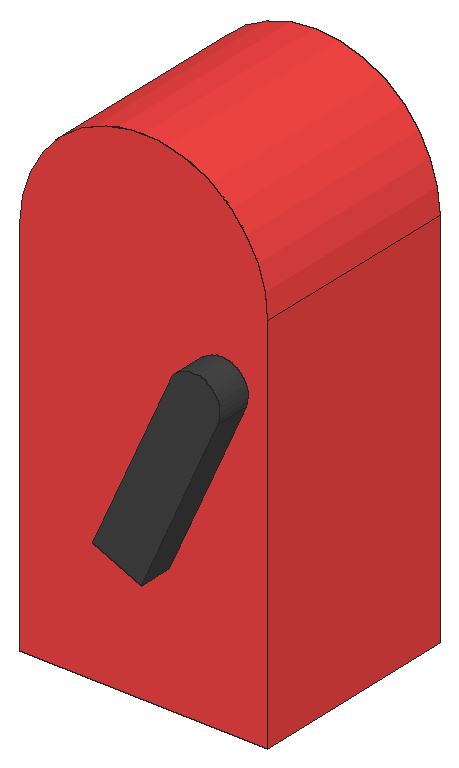
Revit family "K275-K274", category Pipe Accessories, Revit 2025
Family settings
  Round Connector Dimension = Use Diameter
  Part Type = Normal
  Work Plane-Based = No
  Always vertical = No
  Cut with Voids When Loaded = No
  Shared = Yes
Parameters (values of type "K275Y013")
  Manufacture Art. No. = "K275Y013"
  Default Elevation = 0 mm
Types (3, lengths in mm): name | Manufacture Art. No.
  K275Y002 | "K275Y002"
  K275Y011 | "K275Y011"
  K275Y013 | "K275Y013"
Reference planes
  plane 1 "Center (Front/Back)": y = 0
  plane 2: z = 0
  plane 3 "Center (Left/Right)": x = 0
Forms (mm)
  Extrusion 1, solid, material "Red Material", detail levels medium+fine
    sketch origin (-196.713, 71.998, -18.572) x (1, 0, 0) y (0, 0, 1)
      loop
        arc (231.713, 126.691) -> (196.713, 161.691) -> (161.713, 126.691) r 35
        line (161.713, 126.691) -> (161.713, 18.572) -> (231.713, 18.572) -> (231.713, 126.691)
    from 71.998 to 132.57
  Extrusion 2, solid, material "Black"
    sketch origin (0, 0, 0) x (1, 0, 0) y (0, 0, 1)
      loop
        line (-6.589, 41.646) -> (7.115, 35.545) -> (28.664, 83.946)
        arc (28.664, 83.946) -> (24.863, 93.848) -> (14.961, 90.047) r 7.5
        line (14.961, 90.047) -> (-6.589, 41.646)
    from 60.573 to 70.333
Dimensions and locks
  aligned and locked: level to plane 2
